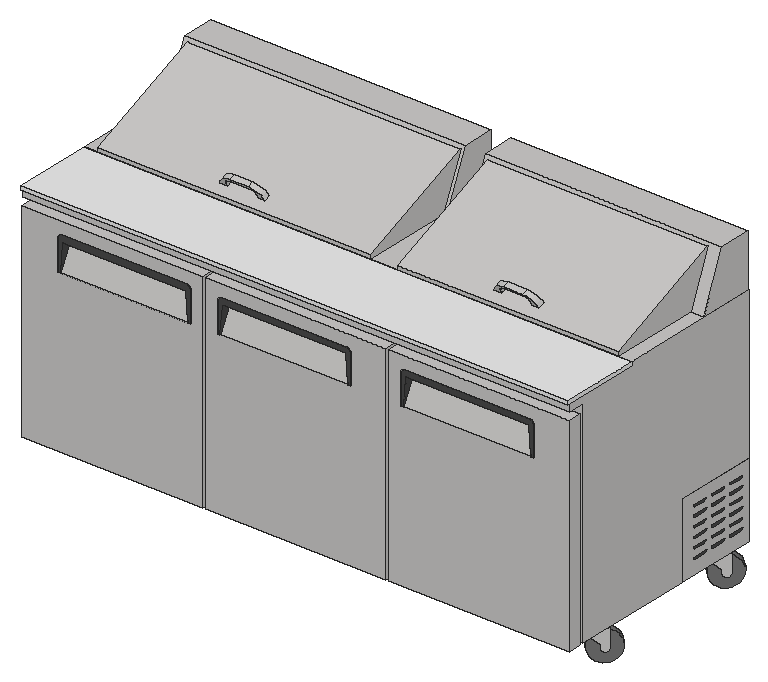
Revit family "QF_Turbo Air_MST-7266c24283-2388-4d87-8bd8-1544d90fe1c2", category Specialty Equipment, Revit 2012 (continued)
Definition of nested family "FESCasterLeg"
  Forms (in)
    Extrusion 3, solid, material "QF_Finishes_Stainless Steel", visible <- "Casters"
      sketch origin (-7.24148, -8.48391, 0) x (0.707107, 0.707107, 0) y (0, 0, 1)
        loop
          line (10.61603, 5.5) -> (11.61603, 5.5) -> (11.61603, 6) -> (10.61603, 6) -> (10.61603, 5.5)
      from 0 to -1.75
    Blend 4, solid, material "QF_Finishes_Stainless Steel", visible <- "Legs"
      base sketch origin (0, 0, 0) x (1, 0, 0) y (0, 1, 0)
        loop
          circle (0, 0) r 0.5
      top sketch origin (0, 0, 0) x (1, 0, 0) y (0, 1, 0)
        loop
          circle (0, 0) r 1
      from 0 to 6 <- "Height"
  Lines and regions (in)
    symbolic lines, style "QF_Hidden Details", visible <- "Casters", built-in parameter 1006206 <- "Casters"
      curve 1: line (-1.26158, -0.51911, 0) -> (1.39007, 2.13254, 0)
      curve 2: line (-0.53429, -1.24639, 0) -> (2.11736, 1.40526, 0)
    symbolic lines, style "QF_Hidden Details", built-in parameter 1006206 <- "Casters", visible <- "Casters"
      curve 3: line (-1.26158, -0.51911, 0) -> (1.39007, 2.13254, 0)
      curve 4: line (-0.53429, -1.24639, 0) -> (2.11736, 1.40526, 0)
  Dimensions and locks (in)
    locked: plane 4 to plane 5 at 0.5
    "Height": plane 4 to level
    "Caster Radius": Extrusion 2 sketch curve to level
    "Caster Radius": Extrusion 1 sketch curve to level
    "Caster Radius": radius of Extrusion 2 sketch curve
    aligned and locked: plane 2 to level
    aligned: Blend 4 to Extrusion 3
    aligned and locked: plane 4 to Blend 4
    aligned and locked: Extrusion 3 to plane 5
    aligned and locked: plane 4 to Extrusion 3
    aligned and locked: plane 5 to Extrusion 1
  Automatic sketch dimensions
    plane 1 "Center (Front/Back)" to curve 3 = 0' - 0.51911"
    curve 3 to plane 3 "Center (Left/Right)" = 0' - 1.26158"
    plane 1 "Center (Front/Back)" to curve 1 = 0' - 0.51911"
    curve 1 to curve 3 = 0' - 0"  (x3)
    curve 4 to plane 3 "Center (Left/Right)" = 0' - 0.53429"
    curve 2 to curve 4 = 0' - 0"  (x2)
    plane 3 "Center (Left/Right)" to curve 3 = 0' - 1.39007"
    curve 1 to curve 4 = 0' - 0.72729"
    curve 2 to curve 1 = 0' - 0.72729"
    curve 4 to curve 2 = 0' - 0"  (x2)
    curve 2 to plane 1 "Center (Front/Back)" = 0' - 1.40526"
    curve 2 to curve 3 = 0' - 0.72729"
    plane 5 to Extrusion 1 sketch curve = 0' - 0"
    Extrusion 1 sketch curve to Extrusion 1 sketch curve = 0' - 1.5937"
    Extrusion 1 sketch curve to Extrusion 1 sketch curve = 0' - 2"
    Extrusion 1 sketch curve to Extrusion 1 sketch curve = 0' - 0.0937"
    Extrusion 1 sketch curve to Extrusion 1 sketch curve = 0' - 0 1/2"
    Extrusion 1 sketch curve to Extrusion 1 sketch curve = 0' - 0.34627"
    Extrusion 1 sketch curve to plane 5 = 0' - 0 3/4"
    Extrusion 1 sketch curve to plane 5 = 0' - 0 1/4"
    Extrusion 3 sketch curve to plane 5 = 0' - 0"
    plane 4 to Extrusion 3 sketch curve = 0' - 0"
    Extrusion 3 sketch curve to Extrusion 3 sketch curve = 0' - 1"
    plane 1 "Center (Front/Back)" to Blend 4 sketch curve = 0' - 0"  (x2)
    Blend 4 sketch curve to plane 3 "Center (Left/Right)" = 0' - 0"  (x2)
    radius of Blend 4 sketch curve = 0' - 0 1/2"
    radius of Blend 4 sketch curve = 0' - 1"
Definition of nested family "QF_Turbo Air_TBL_Door-1"
  Parameters (values of type "QF_Turbo Air_TBL_Door-1")
    Width [instance] = 2' - 5 5/16"
    Watermarked By = "http://revitwatermark.com"
    Symbolic Lines [instance] = yes
    Manufacturer = "Turbo Air"  # constant formula
    Height [instance] = 2' - 3 7/16"
    Handle Width [instance] = 1' - 5 5/8"
    Depth [instance] = 0' - 1 13/16"
  Reference planes (in)
    plane 1 "BACK": y = 0
    plane 2: z = 0
    plane 3 "LEFT": x = -15.17667
    plane 4: x = 14.13583
    plane 5 "FRONT": y = -1.8125
    plane 6: z = 27.4375
    plane 7 "Right of Handle": x = 12.51083
    plane 8 "Left of Handle": x = -5.11417
  Forms (in)
    Extrusion 1, solid, material "QF_Finishes_Black"
      sketch origin (-31.11417, 0, 15.01083) x (0, 0, -1) y (1, 0, 0)
        loop
          arc (-10.23917, 43.625) -> (-10.63691, 43.46025) -> (-10.80167, 43.0625) r 0.5625
          line (-10.80167, 43.0625) -> (-10.80167, 26.5625)
          arc (-10.80167, 26.5625) -> (-10.63691, 26.16475) -> (-10.23917, 26) r 0.5625
          line (-10.23917, 26) -> (-6.30167, 26) -> (-6.30167, 26.34375) -> (-9.98917, 26.66636) -> (-9.98917, 42.95864) -> (-6.30167, 43.28125) -> (-6.30167, 43.625) -> (-10.23917, 43.625)
      from 0 to 1.8125
    Extrusion 2, solid, material "QF_Finishes_Stainless Steel"
      sketch origin (-5.14542, 0, 15.01083) x (0, 1, 0) y (0, 0, 1)
        loop
          line (-1.8125, 6.30167) -> (0, 6.30167) -> (0, 9.98917) -> (-0.47036, 9.98917) -> (-1.8125, 6.30167)
      from 0.375 to 17.3125
    Extrusion 3, solid, material "QF_Finishes_Stainless Steel"
      sketch origin (0, 0, 0) x (1, 0, 0) y (0, 0, 1)
        loop
          line (-15.17667, 27.4375) -> (-15.17667, 0) -> (14.13583, 0) -> (14.13583, 27.4375) -> (-15.17667, 27.4375)
        loop
          arc (-4.55167, 25.8125) -> (-4.94941, 25.64775) -> (-5.11417, 25.25) r 0.5625
          line (-5.11417, 25.25) -> (-5.11417, 21.3125) -> (12.51083, 21.3125) -> (12.51083, 25.25)
          arc (12.51083, 25.25) -> (12.34608, 25.64775) -> (11.94833, 25.8125) r 0.5625
          line (11.94833, 25.8125) -> (-4.55167, 25.8125)
      from 0 to 1.8125
  Lines and regions (in)
    symbolic lines, visible <- "Symbolic Lines"
      curve 1: line (-15.17667, 0, 25.96875) -> (14.13583, 0, 25.96875)
      curve 2: line (-15.17667, -1.8125, 25.96875) -> (-15.17667, 0, 25.96875)
      curve 3: line (14.13583, -1.8125, 25.96875) -> (-15.17667, -1.8125, 25.96875)
      curve 4: line (14.13583, 0, 25.96875) -> (14.13583, -1.8125, 25.96875)
  Dimensions and locks (in)
    "Width": plane 4 to plane 3 "LEFT"
    "Depth": plane 5 "FRONT" to plane 1 "BACK"
    "Height": plane 6 to plane 2
    locked: Extrusion 3 sketch curve to Extrusion 3 sketch curve at 4.5
    locked: plane 6 to Extrusion 3 sketch curve at 1.625
    locked: plane 6 to Extrusion 1 sketch curve at 1.625
    locked: Extrusion 1 sketch curve to Extrusion 1 sketch curve at 0.8125
    locked: Extrusion 1 sketch curve to Extrusion 1 sketch curve at 4.5  (x2)
    locked: plane 6 to Extrusion 2 sketch curve at 2.4375
    locked: Extrusion 2 sketch curve to Extrusion 2 sketch curve at 3.6875
    locked: Extrusion 2 sketch curve to plane 5 "FRONT" at 1.34214
    locked: plane 7 "Right of Handle" to plane 4 at 1.625
    "Handle Width": plane 8 "Left of Handle" to plane 7 "Right of Handle"
    locked: Extrusion 1 sketch curve to plane 8 "Left of Handle" at 0.34375
    locked: Extrusion 1 sketch curve to plane 8 "Left of Handle" at 0.66636
    locked: Extrusion 1 sketch curve to plane 8 "Left of Handle" at 0.5625
    locked: plane 7 "Right of Handle" to Extrusion 1 sketch curve at 0.34375
    locked: plane 7 "Right of Handle" to Extrusion 1 sketch curve at 0.66636
    locked: plane 7 "Right of Handle" to Extrusion 1 sketch curve at 0.5625
    locked: plane 8 "Left of Handle" to Extrusion 2 at 0.34375
    locked: plane 7 "Right of Handle" to Extrusion 2 at 0.34375
    aligned and locked: level to plane 2
    aligned and locked: Extrusion 3 sketch curve to plane 6
    aligned and locked: plane 3 "LEFT" to Extrusion 3 sketch curve
    aligned and locked: level to Extrusion 3 sketch curve
    aligned and locked: Extrusion 3 sketch curve to plane 4
    aligned and locked: plane 5 "FRONT" to Extrusion 3
    aligned and locked: Extrusion 2 sketch curve to plane 1 "BACK"
    aligned and locked: plane 1 "BACK" to curve 1
    aligned and locked: plane 3 "LEFT" to curve 2
    aligned and locked: curve 3 to plane 5 "FRONT"
    aligned and locked: curve 4 to plane 4
    aligned and locked: Extrusion 3 sketch curve to plane 7 "Right of Handle"
    aligned and locked: Extrusion 3 sketch curve to plane 8 "Left of Handle"
    aligned and locked: Extrusion 1 sketch curve to plane 7 "Right of Handle"
    aligned and locked: plane 8 "Left of Handle" to Extrusion 1 sketch curve
  Automatic sketch dimensions
    Extrusion 3 sketch curve to Extrusion 3 sketch curve = 0' - 0 9/16"  (x2)
    Extrusion 2 sketch curve to plane 5 "FRONT" = 0' - 0"
